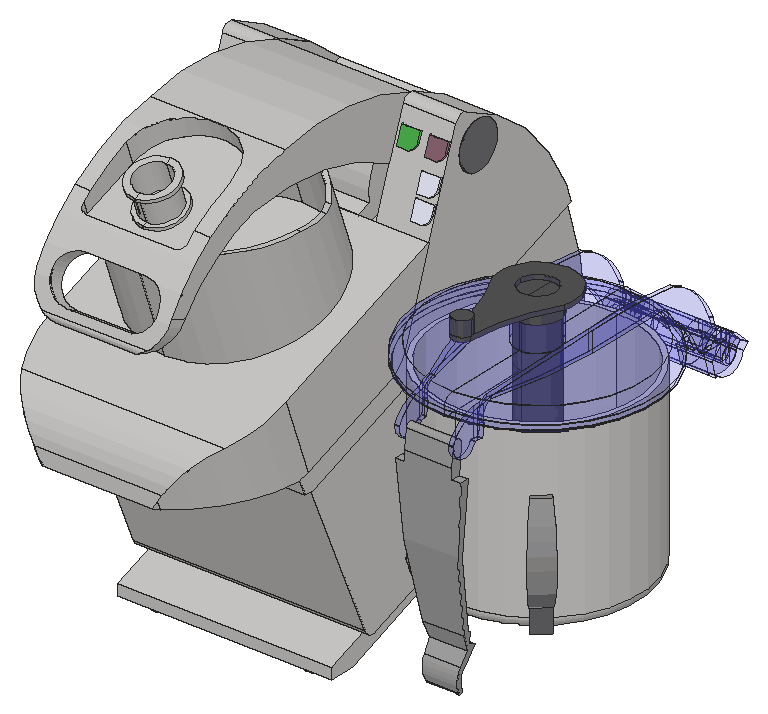
Revit family "QF_ELECTROLUXPROFESSIONAL_600494_TRK55YU", category Specialty Equipment, Revit 2018
Family settings
  Round Connector Dimension = Use Diameter
  Part Type = Normal
  Work Plane-Based = No
  Always vertical = Yes
  Cut with Voids When Loaded = No
  Shared = No
  Room Calculation Point = No
Parameters (values of type "Standard")
  Weight = 27.40 kg
  Watts = 0 W
  Volts = 110 V
  URL Manufacturer = "http://professional.electrolux.com"
  URL = "http://professional.electrolux.com"
  Steam Supply Size = 0 mm
  Steam Supply Minimum Pressure = 0.0 Pa
  Steam Supply Maximum Pressure = 0.0 Pa
  Steam Pounds per Hour = 0
  Refrigeration Suction Line Size = 0 mm
  Refrigeration Liquid Line Size = 0 mm
  Refrigerant Compressor Remote = yes
  Manufacturer = "Electrolux Professional"
  Phase = 1
  Model = "TRK55YU"
  Length Actual = 252 mm  # constant formula
  Item Number = "600494"
  Hot Water Size = 0 mm
  Height Actual = 505 mm  # constant formula
  HP = "1.7 HP"
  Gas Size = 0 mm
  Gas KW = 0
  Gas Input Pressure = 0 W
  Direct Waste Size = 0 mm
  Description = "CUTTER/SLICER 5.5L VARIAB.SPEED-1300W-100-120/1/50-60-US"
  Depth Actual = 485 mm  # constant formula
  Cycle = 60 Hz
  Condensate Return Size = 0 mm
  Compressed Air Volume = 0.0 L/s
  Compressed Air Size = 0 mm
  Compressed Air Pressure = 0.0 Pa
  Cold Water Size = 0 mm
  Accessory = yes
Reference planes
  plane 1 "Center (Front/Back)": y = 0
  plane 2: z = 0
  plane 3 "Center (Left/Right)": x = 0
  plane 4 "BASE": through (-1506.947, -1354.442, -482.669) normal (0, -0.342, 0.9397)
  plane 5 "TOP": z = 725
  plane 6 "FRONT": y = -250
  plane 7 "BACK": y = 250
  plane 8 "LEFT": x = -126
  plane 9 "RIGHT": x = 126
  plane 10 "BaseSup": through (4267.2, -355.454, 143.983) normal (0, -0.342, 0.9397)
  plane 11 "TopCylinder": z = 505
  plane 12 "panel": through (4267.2, 37.396, 376.789) normal (0, -0.9397, 0.342)
  plane 13 "TAN1": through (4267.2, -242.8, 386.84) normal (0, -0.868, 0.4965)
  plane 14 "cx": x = -4.392
  plane 15: z = 490
  plane 16: z = 685
  plane 17 "EI_1": z = 320
  plane 18: z = 224
  plane 19 "SupportOblique": through (4267.2, 163.975, 96.815) normal (0, 0.809, 0.5878)
  plane 20 "CX2": x = 350
Forms (mm)
  Extrusion 1, solid, material "QF_Finishes_Stainless Steel"
    sketch origin (0, 71.755, 29.173) x (0, 0.939693, 0.34202) y (0, -0.34202, 0.939693)
      loop
        line (196.964, 40) -> (-146.726, 40) -> (-150.519, 29.578) -> (-124.204, 20) -> (196.964, 20) -> (196.964, 40)
    from -114.1 to 114.1
  Extrusion 2, solid, material "QF_Finishes_Stainless Steel"
    sketch origin (0, 71.755, 29.173) x (0, 0.939693, 0.34202) y (0, -0.34202, 0.939693)
      loop
        arc (-117.754, 231.836) -> (-115.679, 141.222) -> (-107.501, 50.953) r 1344.145
        arc (-107.501, 50.953) -> (-103.371, 43.13) -> (-95.098, 40) r 12.5
        line (-95.098, 40) -> (191.415, 40)
        arc (191.415, 40) -> (200.799, 44.052) -> (207.001, 52.177) r 20.212
        arc (207.001, 52.177) -> (236.663, 139.796) -> (245.906, 231.836) r 409.593
        line (245.906, 231.836) -> (-117.754, 231.836)
    from -123.6 to 123.2
  Extrusion 3, solid, material "QF_Finishes_Stainless Steel"
    sketch origin (0, 71.755, 29.173) x (0, 0.939693, 0.34202) y (0, -0.34202, 0.939693)
      loop
        line (-117.754, 231.836) -> (250, 231.836) -> (250, 254)
        arc (250, 254) -> (225.127, 344.7) -> (167.861, 419.303) r 244.524
        arc (167.861, 419.303) -> (160.498, 421.774) -> (153.587, 418.23) r 10
        line (153.587, 418.23) -> (25.432, 265.5)
        arc (25.432, 265.5) -> (14.376, 257.016) -> (0.77, 254) r 32.194
        line (0.77, 254) -> (-128.224, 254) -> (-128.224, 236.946) -> (-117.754, 231.836)
    from -125 to 125
  Extrusion 4, void
    sketch origin (0, 71.755, 29.173) x (0, 0.939693, 0.34202) y (0, -0.34202, 0.939693)
      loop
        line (146.605, 338.403) -> (228.145, 338.403)
        arc (228.145, 338.403) -> (202.221, 381.996) -> (167.861, 419.303) r 244.524
        arc (167.861, 419.303) -> (160.498, 421.774) -> (153.587, 418.23) r 10
        line (153.587, 418.23) -> (72.34, 321.403) -> (146.605, 321.403) -> (146.605, 338.403)
    from -76.755 to 68.071
  Extrusion 5, solid, material "QF_Finishes_Stainless Steel"
    sketch origin (0, 71.755, 29.173) x (0, 0.939693, 0.34202) y (0, -0.34202, 0.939693)
      loop
        line (86.605, 338.403) -> (69.605, 321.403) -> (146.605, 321.403) -> (146.605, 338.403) -> (138.179, 338.403) -> (138.179, 369.367)
        arc (138.179, 369.367) -> (147.784, 373.474) -> (158.149, 372.174) r 19.987
        arc (158.149, 372.174) -> (156.791, 382.001) -> (162.888, 389.826) r 12.748
        arc (162.888, 389.826) -> (123.302, 374.774) -> (101.605, 338.403) r 64.447
        line (101.605, 338.403) -> (86.605, 338.403)
    from -65 to 50
  Extrusion 6, solid, material "QF_Finishes_Stainless Steel"
    sketch origin (539, 71.755, 29.173) x (0, -0.939693, -0.34202) y (0, -0.34202, 0.939693)
      loop
        circle (-169.102, 378.696) r 12.748
    from 489 to 604
  Extrusion 7, solid, material "QF_Finishes_Rubber Black"
    sketch origin (0, 71.755, 29.173) x (0, 0.939693, 0.34202) y (0, -0.34202, 0.939693)
      loop
        circle (169.102, 378.696) r 25
    from 125 to 126.6
  Extrusion 8, solid, material "QF_Finishes_Green"
    sketch origin (-10, -113.728, -38.42) x (0, -0.34202, -0.939693) y (1, 0, 0)
      loop
        line (-529.862, 82.865) -> (-509.862, 82.865) -> (-509.862, 92.865)
        arc (-509.862, 92.865) -> (-512.791, 99.936) -> (-519.862, 102.865) r 10
        line (-519.862, 102.865) -> (-529.862, 102.865) -> (-529.862, 82.865)
    from 0 to 1.6
  Extrusion 9, solid, material "QF_Finishes_Red"
    sketch origin (20, -113.728, -38.42) x (0, -0.34202, -0.939693) y (1, 0, 0)
      loop
        line (-529.862, 82.865) -> (-509.862, 82.865) -> (-509.862, 92.865)
        arc (-509.862, 92.865) -> (-512.791, 99.936) -> (-519.862, 102.865) r 10
        line (-519.862, 102.865) -> (-529.862, 102.865) -> (-529.862, 82.865)
    from 0 to 1.6
  Extrusion 10, solid, material "QF_Finishes_Rubber Black"
    sketch origin (-20, -293.925, 99.376) x (0, -1, 0) y (1, 0, 0)
      loop
        circle (-230.144, 103.748) r 10
      loop
        circle (-230.144, -61.252) r 10
    from 9.274 to 3.787
  Extrusion 11, void
    sketch origin (-20.94, 306.731, 139.428) x (-1, 0, 0) y (0, -0.34202, 0.939693)
      loop
        circle (-20.94, 196.093) r 10
    from -1.916 to -26.433
  Extrusion 12, solid, material "QF_Finishes_Stainless Steel"
    sketch origin (-20.94, 306.678, 139.573) x (-1, 0, 0) y (0, -0.34202, 0.939693)
      loop
        circle (-20.94, 195.939) r 9.999
    from -8.514 to -26.433
  Extrusion 13, solid, material "QF_Finishes_Stainless Steel"
    sketch origin (0, -15.119, 267.855) x (0, -0.939693, -0.34202) y (1, 0, 0)
      loop
        line (-86.605, -125) -> (117.754, -125)
        arc (117.754, -125) -> (182.577, -108.838) -> (232.224, -64.135) r 138.076
        arc (232.224, -64.135) -> (246.337, -33.516) -> (250, 0) r 104.824
        arc (250, 0) -> (246.337, 33.516) -> (232.224, 64.135) r 104.824
        arc (232.224, 64.135) -> (182.577, 108.838) -> (117.754, 125) r 138.076
        line (117.754, 125) -> (-86.605, 125) -> (-86.605, -125)
    from 0 to 84.403
  Extrusion 14, void
    sketch origin (0, 71.755, 29.173) x (0, 0.939693, 0.34202) y (0, -0.34202, 0.939693)
      loop
        line (-183.149, 338.403) -> (-263.395, 338.403) -> (-263.395, 254) -> (-128.224, 254) -> (-235.716, 293.124) -> (-229.509, 307.133)
        arc (-229.509, 307.133) -> (-211.109, 329.855) -> (-183.149, 338.403) r 50
      loop
        line (86.605, 338.403) -> (25.432, 265.5)
        arc (25.432, 265.5) -> (14.376, 257.016) -> (0.77, 254) r 32.194
        line (0.77, 254) -> (86.605, 254) -> (86.605, 338.403)
    from -156.555 to 144.79
  Extrusion 15, solid, material "QF_Finishes_Rubber Black"
    sketch origin (-20, -255.757, 37.007) x (0, -0.939693, -0.34202) y (1, 0, 0)
      loop
        circle (-230.144, 103.748) r 10
      loop
        circle (-230.144, -61.252) r 10
    from -1.968 to 3.787
  Extrusion 16, solid, material "QF_Finishes_Stainless Steel"
    sketch origin (0, 0, 0) x (0, 1, 0) y (0, 0, 1)
      loop
        arc (-237.987, 360.286) -> (-193.334, 422.101) -> (-125.907, 457.716) r 167.502
        arc (-125.907, 457.716) -> (-32.614, 457.202) -> (54.785, 424.565) r 266.494
        line (54.785, 424.565) -> (73.036, 474.711)
        arc (73.036, 474.711) -> (77.269, 479.853) -> (83.792, 481.198) r 10
        arc (83.792, 481.198) -> (1.801, 503.572) -> (-83.051, 498.734) r 263.981
        arc (-83.051, 498.734) -> (-135.605, 484.534) -> (-183.511, 458.675) r 236.13
        arc (-183.511, 458.675) -> (-222.818, 420.732) -> (-248.457, 372.49) r 174.407
        arc (-248.457, 372.49) -> (-249.83, 368.135) -> (-247.05, 364.513) r 4.945
        line (-247.05, 364.513) -> (-237.987, 360.286)
    from -76.755 to 68.071
  Extrusion 17, void
    sketch origin (0, -252.846, 369.279) x (0, -0.496521, -0.868025) y (1, 0, 0)
      loop
        line (-13.723, -36.755) -> (-13.723, 28.071)
        arc (-13.723, 28.071) -> (-38.723, 53.071) -> (-63.723, 28.071) r 25
        line (-63.723, 28.071) -> (-63.723, -36.755)
        arc (-63.723, -36.755) -> (-38.723, -61.755) -> (-13.723, -36.755) r 25
    from -148.493 to 7.125
  Extrusion 18, void
    sketch origin (0, -88.076, 32.057) x (0, -0.34202, -0.939693) y (1, 0, 0)
      loop
        line (-257.162, 68.071) -> (-297.162, 68.071)
        arc (-297.162, 68.071) -> (-268.878, 56.356) -> (-257.162, 28.071) r 40
        line (-257.162, 28.071) -> (-257.162, 68.071)
      loop
        line (-257.162, -76.755) -> (-257.162, -36.755)
        arc (-257.162, -36.755) -> (-268.878, -65.039) -> (-297.162, -76.755) r 40
        line (-297.162, -76.755) -> (-257.162, -76.755)
    from 233.374 to 280.473
  Extrusion 19, void
    sketch origin (0, -73.76, 246.511) x (0, -0.939693, -0.34202) y (1, 0, 0)
      loop
        spline (50.415, 43.499) -> (50.302, 44.538) -> (50.07, 45.551) -> (49.722, 46.523) -> (49.265, 47.436) -> (48.705, 48.278) -> (48.053, 49.034) -> (47.317, 49.692) -> (46.511, 50.241) -> (45.647, 50.674) -> (44.738, 50.981) -> (43.801, 51.16) -> (42.848, 51.221)
        line (42.848, 51.221) -> (-21.826, 51.221)
        arc (-21.826, 51.221) -> (-77.476, -4.429) -> (-21.826, -60.078) r 55.65
        line (-21.826, -60.078) -> (42.849, -60.064)
        spline (42.849, -60.064) -> (43.796, -60.017) -> (44.73, -59.836) -> (45.637, -59.525) -> (46.5, -59.088) -> (47.306, -58.532) -> (48.042, -57.867) -> (48.695, -57.103) -> (49.256, -56.253) -> (49.715, -55.331) -> (50.065, -54.351) -> (50.3, -53.329) -> (50.415, -52.283)
        line (50.415, -52.283) -> (50.415, 43.499)
    from 219.928 to 259.975
  Extrusion 20, void
    sketch origin (0, -87.856, 241.381) x (0, -0.939693, -0.34202) y (1, 0, 0)
      loop
        circle (-4.976, -4.429) r 22.5
    from 184.171 to 259.975
  Extrusion 21, solid, material "QF_Finishes_Stainless Steel"
    sketch origin (0, -57.13, 252.564) x (0, -0.939693, -0.34202) y (1, 0, 0)
      loop
        circle (-27.476, -4.429) r 100
      loop
        circle (-27.476, -4.429) r 95
    from 84.403 to 219.928
  Extrusion 22, void
    sketch origin (539, 0, 0) x (0, -1, 0) y (0, 0, 1)
      loop
        line (-7.229, 448.453) -> (38.883, 431.669) -> (53.883, 431.669) -> (97.232, 435.738) -> (172.232, 435.738) -> (200.5, 434.424) -> (12.562, 502.828) -> (-7.229, 448.453)
    from 424.9 to 664
  Revolve 23, solid, material "QF_Finishes_Stainless Steel"
    sketch origin (-4.392, 0, 0) x (0, 1, 0) y (0, 0, 1)
      loop
        line (-159.523, 452.833) -> (-177.266, 446.376) -> (-188.766, 477.973) -> (-195.199, 475.631) -> (-193.959, 472.225) -> (-189.261, 473.935) -> (-179, 445.744) -> (-183.698, 444.034) -> (-182.575, 440.948) -> (-179.543, 442.052) -> (-133.191, 314.7) -> (-112.048, 322.396) -> (-159.523, 452.833)
      axis (-112.048, 322.396) -> (-171.023, 484.431)
    angle from 0 to 360
  Extrusion 24, solid, material "QF_Door-Drawer Clearances", detail levels coarse
    sketch origin (0, -262.072, 735.095) x (0, -0.581279, -0.813704) y (0, 0.813704, -0.581279)
      loop
        arc (-237.987, 360.286) -> (-193.334, 422.101) -> (-125.907, 457.716) r 167.502
        arc (-125.907, 457.716) -> (-61.925, 460.915) -> (0.971, 448.753) r 266.494
        arc (0.971, 448.753) -> (-2.208, 475.472) -> (-2.432, 502.379) r 244.524
        arc (-2.432, 502.379) -> (-31.549, 503.211) -> (-60.594, 500.999) r 278.64
        arc (-60.594, 500.999) -> (-125.023, 488.463) -> (-183.511, 458.675) r 236.13
        arc (-183.511, 458.675) -> (-222.818, 420.732) -> (-248.457, 372.49) r 174.407
        arc (-248.457, 372.49) -> (-249.83, 368.135) -> (-247.05, 364.513) r 4.945
        line (-247.05, 364.513) -> (-237.987, 360.286)
    from -76.755 to 68.071
  Extrusion 25, solid, material "QF_Door-Drawer Clearances", detail levels coarse
    sketch origin (-4.392, 0, -55) x (0, 1, 0) y (0, 0, 1)
      loop
        arc (180.062, 780.324) -> (-149.234, 694.151) -> (-249.905, 368.994) r 350.321
        line (-249.905, 368.994) -> (-246.546, 377.767)
        arc (-246.546, 377.767) -> (-144.345, 691.9) -> (174.993, 776.44) r 345.321
        line (174.993, 776.44) -> (180.062, 780.324)
    from -60 to 60
  Extrusion 26, solid, material "QF_Finishes_Rubber Black"
    sketch origin (-20, -20.834, 122.512) x (0, -0.939693, -0.34202) y (1, 0, 0)
      loop
        circle (-230.144, 103.748) r 10
      loop
        circle (-230.144, -61.252) r 10
    from -1.968 to 3.787
  Extrusion 27, void
    sketch origin (-4.392, 0, 0) x (0, 1, 0) y (0, 0, 1)
      loop
        circle (163.975, 96.815) r 5.399
    from -121.608 to 130.392
  Sweep 28, solid, material "QF_Finishes_Stainless Steel"
    path origin (0, 153.361, 111.423) x (0, -0.587785, 0.809017) y (1, 0, 0)
      loop
        line (-133.401, 56) -> (-133.401, 112.5)
        arc (-133.401, 112.5) -> (-130.472, 119.571) -> (-123.401, 122.5) r 10
        line (-123.401, 122.5) -> (-28.058, 122.5)
        arc (-28.058, 122.5) -> (-20.987, 119.571) -> (-18.058, 112.5) r 10
        line (-18.058, 112.5) -> (-18.058, -112.5)
        arc (-18.058, -112.5) -> (-20.987, -119.571) -> (-28.058, -122.5) r 10
        line (-28.058, -122.5) -> (-123.401, -122.5)
        arc (-123.401, -122.5) -> (-130.472, -119.571) -> (-133.401, -112.5) r 10
        line (-133.401, -112.5) -> (-133.401, -56)
    profile origin (84.25, 231.772, 3.5) x (0, 0.587785, -0.809017) y (0, 0.809017, 0.587785)
      loop
        circle (0, 0) r 3.5
  Extrusion 29, void
    sketch origin (-4.392, 0, 0) x (0, 1, 0) y (0, 0, 1)
      loop
        line (50.281, 42.641) -> (71.708, 50.44) -> (64.376, 57.771) -> (50.281, 52.641) -> (50.281, 42.641)
    from -119.208 to -51.608
  Extrusion 30, void
    sketch origin (4.392, 0, 0) x (0, 1, 0) y (0, 0, -1)
      loop
        line (50.281, -42.641) -> (50.281, -52.641) -> (64.376, -57.771) -> (71.708, -50.44) -> (50.281, -42.641)
    from -119.208 to -51.608
  Extrusion 31, solid, material "QF_Door-Drawer Clearances", detail levels coarse
    sketch origin (350, -160.4, -17.118) x (0, -0.34202, -0.939693) y (0, -0.939693, 0.34202)
      loop
        line (-206.754, 118.191) -> (-331.133, -223.538)
        arc (-331.133, -223.538) -> (-241.482, -246.331) -> (-149.003, -248.426) r 409.593
        arc (-149.003, -248.426) -> (-139.246, -245.378) -> (-132.229, -237.945) r 20.212
        line (-132.229, -237.945) -> (-34.236, 31.289)
        arc (-34.236, 31.289) -> (-34.347, 40.134) -> (-40.286, 46.691) r 12.5
        arc (-40.286, 46.691) -> (-122.314, 85.249) -> (-206.754, 118.191) r 1344.145
    from -123.6 to 123.2
  Extrusion 32, solid, material "QF_Door-Drawer Clearances", detail levels coarse
    sketch origin (350, -160.4, -17.118) x (0, -0.34202, -0.939693) y (0, -0.939693, 0.34202)
      loop
        line (-134.127, -243.16) -> (-115.333, -250) -> (-5.487, 51.799) -> (-5.487, 79.803) -> (-16.578, 79.803) -> (-134.127, -243.16)
    from -114.1 to 114.1
  Extrusion 33, solid, material "QF_Door-Drawer Clearances", detail levels coarse
    sketch origin (330, -388.076, 105.131) x (0, -1, 0) y (1, 0, 0)
      loop
        circle (-230.144, 103.748) r 10
      loop
        circle (-230.144, -61.252) r 10
    from -1.968 to 3.787
  Extrusion 34, solid, material "QF_Door-Drawer Clearances", detail levels coarse
    sketch origin (330, -138.076, 105.131) x (0, -1, 0) y (1, 0, 0)
      loop
        circle (-230.144, 103.748) r 10
      loop
        circle (-230.144, -61.252) r 10
    from -1.968 to 3.787
  Extrusion 35, solid, material "QF_Door-Drawer Clearances", detail levels coarse
    sketch origin (0, 250, 0) x (-1, 0, 0) y (0, 0, 1)
      loop
        circle (-350, 200) r 10
    from -89.12 to -78.665
  Extrusion 36, solid, material "QF_Finishes_White"
    sketch origin (20, -124.661, -68.457) x (0, -0.34202, -0.939693) y (1, 0, 0)
      loop
        line (-529.862, 82.865) -> (-509.862, 82.865) -> (-509.862, 92.865)
        arc (-509.862, 92.865) -> (-512.791, 99.936) -> (-519.862, 102.865) r 10
        line (-519.862, 102.865) -> (-529.862, 102.865) -> (-529.862, 82.865)
    from 0 to 1.6
  Extrusion 37, solid, material "QF_Finishes_White"
    sketch origin (20, -132.869, -91.01) x (0, -0.34202, -0.939693) y (1, 0, 0)
      loop
        line (-529.862, 82.865) -> (-509.862, 82.865) -> (-509.862, 92.865)
        arc (-509.862, 92.865) -> (-512.791, 99.936) -> (-519.862, 102.865) r 10
        line (-519.862, 102.865) -> (-529.862, 102.865) -> (-529.862, 82.865)
    from 0 to 1.6
Cuts and joins
  Extrusion 4, Extrusion 18, Extrusion 19, Extrusion 20 cuts Extrusion 3
  Extrusion 14, Extrusion 18, Extrusion 19, Extrusion 20 cuts Extrusion 13
  Extrusion 17, Extrusion 18, Extrusion 19, Extrusion 20 cuts Extrusion 16
  Extrusion 11, Extrusion 19, Extrusion 20 cuts Extrusion 2
  Extrusion 22 cuts Extrusion 21
  Extrusion 27, Extrusion 29, Extrusion 30 cuts Extrusion 1
Lines and regions (mm)
  Split face 1
    outline origin (125, 73.036, 474.711) x (-1, 0, 0) y (0, -0.34202, -0.939693)
      loop
        arc (0, 8) -> (1.464, 4.464) -> (5, 3) r 5
        line (5, 3) -> (51.929, 3)
        arc (51.929, 3) -> (55.464, 4.464) -> (56.929, 8) r 5
        line (56.929, 8) -> (56.929, 96.206)
        arc (56.929, 96.206) -> (55.464, 99.742) -> (51.929, 101.206) r 5
        line (51.929, 101.206) -> (5, 101.206)
        arc (5, 101.206) -> (1.464, 99.742) -> (0, 96.206) r 5
        line (0, 96.206) -> (0, 8)
  symbolic lines
    curve 1: line (-76.755, 170.4, 0) -> (-76.755, -235.217, 0)
    curve 2: line (68.071, -235.135, 0) -> (68.071, 170.4, 0)
    curve 3: line (-76.755, 83.792, 0) -> (68.071, 83.792, 0)
    curve 4: line (-76.755, 170.4, 0) -> (68.071, 170.4, 0)
    curve 5: line (68.071, -83.051, 0) -> (-76.755, -83.051, 0)
    curve 6: line (-60.078, -136.967, 0) -> (51.221, -136.967, 0)
    curve 7: line (-60.078, -128.47, 0) -> (-60.078, -194.06, 0)
    curve 8: line (51.221, -193.76, 0) -> (51.221, -128.47, 0)
    curve 9: spline (-52.282, -199.891, 0) -> (-53.276, -199.815, 0) -> (-54.25, -199.647, 0) -> (-55.19, -199.39, 0) -> (-56.081, -199.046, 0) -> (-56.909, -198.622, 0) -> (-57.663, -198.124, 0) -> (-58.331, -197.559, 0) -> (-58.902, -196.936, 0) -> (-59.369, -196.264, 0) -> (-59.724, -195.553, 0) -> (-59.961, -194.815, 0) -> (-60.078, -194.06, 0)
    curve 10: line (43.499, -199.901, 0) -> (-52.283, -199.901, 0)
    curve 11: spline (51.218, -193.76, 0) -> (51.156, -194.554, 0) -> (50.964, -195.333, 0) -> (50.645, -196.085, 0) -> (50.204, -196.798, 0) -> (49.648, -197.459, 0) -> (48.986, -198.058, 0) -> (48.229, -198.586, 0) -> (47.39, -199.033, 0) -> (46.483, -199.392, 0) -> (45.521, -199.658, 0) -> (44.521, -199.826, 0) -> (43.499, -199.893, 0)
    curve 12: spline (-4.392, -146.848, 0) -> (-11.05, -147.672, 0) -> (-17.255, -150.087, 0) -> (-22.583, -153.929, 0) -> (-26.672, -158.936, 0) -> (-29.242, -164.766, 0) -> (-30.119, -171.023, 0) -> (-29.242, -177.28, 0) -> (-26.672, -183.111, 0) -> (-22.583, -188.118, 0) -> (-17.255, -191.96, 0) -> (-11.05, -194.375, 0) -> (-4.392, -195.199, 0)
    curve 13: spline (-4.392, -195.199, 0) -> (2.267, -194.375, 0) -> (8.472, -191.96, 0) -> (13.8, -188.118, 0) -> (17.888, -183.111, 0) -> (20.459, -177.28, 0) -> (21.335, -171.023, 0) -> (20.459, -164.766, 0) -> (17.888, -158.936, 0) -> (13.8, -153.929, 0) -> (8.472, -150.087, 0) -> (2.267, -147.672, 0) -> (-4.392, -146.848, 0)
    curve 14: spline (-4.392, -188.766, 0) -> (-9.279, -188.162, 0) -> (-13.832, -186.389, 0) -> (-17.743, -183.569, 0) -> (-20.744, -179.895, 0) -> (-22.63, -175.616, 0) -> (-23.273, -171.023, 0) -> (-22.63, -166.431, 0) -> (-20.744, -162.152, 0) -> (-17.743, -158.477, 0) -> (-13.832, -155.658, 0) -> (-9.279, -153.885, 0) -> (-4.392, -153.281, 0)
    curve 15: spline (-4.392, -153.281, 0) -> (0.495, -153.885, 0) -> (5.049, -155.658, 0) -> (8.96, -158.477, 0) -> (11.96, -162.152, 0) -> (13.846, -166.431, 0) -> (14.49, -171.023, 0) -> (13.846, -175.616, 0) -> (11.96, -179.895, 0) -> (8.96, -183.569, 0) -> (5.049, -186.389, 0) -> (0.495, -188.162, 0) -> (-4.392, -188.766, 0)
    curve 16: spline (-22.254, -165.273, 0) -> (-20.617, -168.597, 0) -> (-18.289, -171.534, 0) -> (-15.368, -173.96, 0) -> (-11.98, -175.77, 0) -> (-8.268, -176.888, 0) -> (-4.392, -177.266, 0) -> (-0.515, -176.888, 0) -> (3.197, -175.77, 0) -> (6.585, -173.96, 0) -> (9.505, -171.534, 0) -> (11.834, -168.597, 0) -> (13.471, -165.273, 0)
    curve 17: spline (21.106, -162.743, 0) -> (21.02, -155.749, 0) -> (18.807, -149.071, 0) -> (14.651, -143.268, 0) -> (8.902, -138.825, 0) -> (2.04, -136.115, 0) -> (-5.361, -135.365, 0) -> (-12.68, -136.637, 0) -> (-19.306, -139.824, 0) -> (-24.683, -144.661, 0) -> (-28.361, -150.742, 0) -> (-30.034, -157.558, 0) -> (-29.559, -164.538, 0)
    curve 18: spline (15.591, -154.349, 0) -> (13.851, -150.277, 0) -> (11.185, -146.674, 0) -> (7.729, -143.723, 0) -> (3.657, -141.574, 0) -> (-0.824, -140.337, 0) -> (-5.485, -140.073, 0) -> (-10.091, -140.797, 0) -> (-14.408, -142.471, 0) -> (-18.216, -145.011, 0) -> (-21.322, -148.287, 0) -> (-23.569, -152.134, 0) -> (-24.843, -156.356, 0)
    curve 19: line (-36.755, -245.358, 0) -> (-36.755, -220.255, 0)
    curve 20: line (28.071, -220.255, 0) -> (28.071, -245.358, 0)
    curve 21: line (-36.755, -220.255, 0) -> (28.071, -220.255, 0)
    curve 22: line (-36.755, -231.961, 0) -> (28.071, -231.961, 0)
    curve 23: line (28.071, -245.358, 0) -> (-36.755, -245.358, 0)
    curve 24: arc (-36.755, -231.961, 0) -> (-47.346, -230.66, 0) -> (-57.309, -226.836, 0) r 43.78
    curve 25: arc (28.071, -231.961, 0) -> (38.611, -230.648, 0) -> (48.525, -226.836, 0) r 43.78
    curve 26: line (108.532, -216.09, 0) -> (68.016, -248.959, 0)
    curve 27: spline (108.532, -216.09, 0) -> (111.117, -211.341, 0) -> (113.492, -206.496, 0) -> (115.654, -201.564, 0) -> (117.598, -196.552, 0) -> (119.32, -191.469, 0) -> (120.82, -186.324, 0) -> (122.092, -181.125, 0) -> (123.137, -175.882, 0) -> (123.951, -170.603, 0) -> (124.533, -165.296, 0) -> (124.883, -159.972, 0) -> (125, -154.639, 0)
    curve 28: line (125, -154.639, 0) -> (125, 227.385, 0)
    curve 29: spline (63.971, -249.433, 0) -> (63.542, -249.481, 0) -> (63.11, -249.529, 0) -> (62.674, -249.577, 0) -> (62.235, -249.624, 0) -> (61.792, -249.672, 0) -> (61.346, -249.719, 0) -> (60.896, -249.766, 0) -> (60.442, -249.813, 0) -> (59.985, -249.86, 0) -> (59.525, -249.907, 0) -> (59.06, -249.954, 0) -> (58.593, -250, 0)
    curve 30: spline (68.016, -248.959, 0) -> (67.688, -248.999, 0) -> (67.358, -249.038, 0) -> (67.026, -249.078, 0) -> (66.693, -249.118, 0) -> (66.359, -249.157, 0) -> (66.022, -249.197, 0) -> (65.684, -249.236, 0) -> (65.345, -249.276, 0) -> (65.004, -249.315, 0) -> (64.661, -249.354, 0) -> (64.317, -249.394, 0) -> (63.971, -249.433, 0)
    curve 31: line (-68.016, -248.959, 0) -> (68.016, -248.959, 0)
    curve 32: line (-68.016, -248.959, 0) -> (-108.532, -216.09, 0)
    curve 33: spline (-63.971, -249.433, 0) -> (-64.317, -249.394, 0) -> (-64.661, -249.354, 0) -> (-65.004, -249.315, 0) -> (-65.345, -249.276, 0) -> (-65.684, -249.236, 0) -> (-66.022, -249.197, 0) -> (-66.359, -249.157, 0) -> (-66.693, -249.118, 0) -> (-67.026, -249.078, 0) -> (-67.358, -249.038, 0) -> (-67.688, -248.999, 0) -> (-68.016, -248.959, 0)
    curve 34: spline (-58.593, -250, 0) -> (-59.06, -249.954, 0) -> (-59.525, -249.907, 0) -> (-59.985, -249.86, 0) -> (-60.442, -249.813, 0) -> (-60.896, -249.766, 0) -> (-61.346, -249.719, 0) -> (-61.792, -249.672, 0) -> (-62.235, -249.624, 0) -> (-62.674, -249.577, 0) -> (-63.11, -249.529, 0) -> (-63.542, -249.481, 0) -> (-63.971, -249.433, 0)
    curve 35: line (-76.755, -235.217, 0) -> (-60.604, -248.457, 0)
    curve 36: spline (-125, -154.639, 0) -> (-124.883, -159.972, 0) -> (-124.533, -165.296, 0) -> (-123.951, -170.603, 0) -> (-123.137, -175.882, 0) -> (-122.092, -181.125, 0) -> (-120.82, -186.324, 0) -> (-119.32, -191.469, 0) -> (-117.598, -196.552, 0) -> (-115.654, -201.564, 0) -> (-113.492, -206.496, 0) -> (-111.117, -211.341, 0) -> (-108.532, -216.09, 0)
    curve 37: line (-125, 227.385, 0) -> (-125, -154.639, 0)
    curve 38: arc (-76.755, -160.023, 0) -> (-93.256, -130.498, 0) -> (-99.37, -97.232, 0) r 103.622
    curve 39: arc (-76.755, -168.026, 0) -> (-96.901, -135.101, 0) -> (-104.377, -97.232, 0) r 109.55
    curve 40: spline (-99.395, -97.232, 0) -> (-99.428, -93.546, 0) -> (-99.341, -89.86, 0) -> (-99.135, -86.178, 0) -> (-98.81, -82.506, 0) -> (-98.367, -78.845, 0) -> (-97.806, -75.201, 0) -> (-97.127, -71.576, 0) -> (-96.331, -67.976, 0) -> (-95.419, -64.402, 0) -> (-94.392, -60.86, 0) -> (-93.251, -57.352, 0) -> (-91.998, -53.883, 0)
    curve 41: arc (-91.998, -53.883, 0) -> (-88.614, -46.234, 0) -> (-84.624, -38.883, 0) r 103.541
    curve 42: spline (-84.624, -38.883, 0) -> (-84.026, -38.009, 0) -> (-83.417, -37.142, 0) -> (-82.798, -36.282, 0) -> (-82.167, -35.428, 0) -> (-81.527, -34.582, 0) -> (-80.876, -33.742, 0) -> (-80.214, -32.91, 0) -> (-79.543, -32.085, 0) -> (-78.861, -31.267, 0) -> (-78.169, -30.457, 0) -> (-77.467, -29.655, 0) -> (-76.755, -28.86, 0)
    curve 43: spline (-90.488, -38.883, 0) -> (-89.506, -37.356, 0) -> (-88.492, -35.846, 0) -> (-87.448, -34.355, 0) -> (-86.375, -32.883, 0) -> (-85.271, -31.43, 0) -> (-84.139, -29.997, 0) -> (-82.978, -28.585, 0) -> (-81.788, -27.193, 0) -> (-80.571, -25.823, 0) -> (-79.326, -24.476, 0) -> (-78.054, -23.15, 0) -> (-76.755, -21.847, 0)
    curve 44: arc (-97.398, -53.883, 0) -> (-94.227, -46.252, 0) -> (-90.488, -38.883, 0) r 109.406
    curve 45: spline (-104.397, -97.232, 0) -> (-104.428, -93.553, 0) -> (-104.346, -89.875, 0) -> (-104.151, -86.201, 0) -> (-103.844, -82.535, 0) -> (-103.425, -78.879, 0) -> (-102.894, -75.238, 0) -> (-102.252, -71.615, 0) -> (-101.499, -68.013, 0) -> (-100.637, -64.435, 0) -> (-99.665, -60.886, 0) -> (-98.585, -57.367, 0) -> (-97.398, -53.883, 0)
    curve 46: spline (-104.429, -60.179, 0) -> (-104.227, -54.213, 0) -> (-103.623, -48.272, 0) -> (-102.618, -42.379, 0) -> (-101.218, -36.558, 0) -> (-99.427, -30.832, 0) -> (-97.253, -25.224, 0) -> (-94.704, -19.758, 0) -> (-91.791, -14.454, 0) -> (-88.526, -9.335, 0) -> (-84.922, -4.421, 0) -> (-80.993, 0.268, 0) -> (-76.755, 4.714, 0)
    curve 47: line (-104.429, -60.179, 0) -> (-104.429, -91.125, 0)
    curve 48: line (-125, 37.396, 0) -> (-76.755, 37.396, 0)
    curve 49: line (-125, 227.385, 0) -> (125, 227.385, 0)
    curve 50: line (-125, 219.805, 0) -> (125, 219.805, 0)
    curve 51: line (-65, 113.885, 0) -> (50, 113.885, 0)
    curve 52: line (50, 113.885, 0) -> (50, 83.792, 0)
    curve 53: line (-65, 113.885, 0) -> (-65, 83.792, 0)
    curve 54: line (-65, 91.491, 0) -> (50, 91.491, 0)
    curve 55: line (50, 93.777, 0) -> (68.071, 93.777, 0)
    curve 56: line (-65, 93.777, 0) -> (-76.755, 93.777, 0)
    curve 57: line (72.865, 68.37, 0) -> (92.865, 68.37, 0)
    curve 58: line (72.865, 60.026, 0) -> (72.865, 68.37, 0)
    curve 59: line (82.865, 60.026, 0) -> (72.865, 60.026, 0)
    curve 60: line (92.865, 68.37, 0) -> (92.865, 63.446, 0)
    curve 61: line (-123.6, 250, 0) -> (123.2, 250, 0)
    curve 62: line (123.2, 227.385, 0) -> (123.2, 250, 0)
    curve 63: line (-123.6, 227.385, 0) -> (-123.6, 250, 0)
    curve 64: line (68.071, 37.396, 0) -> (125, 37.396, 0)
    curve 65: line (68.071, -235.135, 0) -> (51.82, -248.457, 0)
    curve 66: arc (68.071, -159.898, 0) -> (84.5, -130.423, 0) -> (90.587, -97.232, 0) r 103.622
    curve 67: arc (68.071, -167.913, 0) -> (88.145, -135.031, 0) -> (95.593, -97.232, 0) r 109.55
    curve 68: spline (90.612, -97.232, 0) -> (90.644, -93.546, 0) -> (90.558, -89.86, 0) -> (90.352, -86.178, 0) -> (90.027, -82.506, 0) -> (89.584, -78.845, 0) -> (89.022, -75.201, 0) -> (88.343, -71.576, 0) -> (87.547, -67.976, 0) -> (86.636, -64.402, 0) -> (85.609, -60.86, 0) -> (84.468, -57.352, 0) -> (83.214, -53.883, 0)
    curve 69: arc (83.214, -53.883, 0) -> (79.831, -46.234, 0) -> (75.841, -38.883, 0) r 103.541
    curve 70: spline (75.841, -38.883, 0) -> (75.25, -38.019, 0) -> (74.648, -37.162, 0) -> (74.036, -36.312, 0) -> (73.414, -35.468, 0) -> (72.781, -34.631, 0) -> (72.138, -33.801, 0) -> (71.485, -32.977, 0) -> (70.822, -32.161, 0) -> (70.149, -31.353, 0) -> (69.466, -30.551, 0) -> (68.774, -29.757, 0) -> (68.071, -28.97, 0)
    curve 71: spline (81.705, -38.883, 0) -> (80.729, -37.365, 0) -> (79.722, -35.865, 0) -> (78.685, -34.383, 0) -> (77.619, -32.92, 0) -> (76.523, -31.476, 0) -> (75.399, -30.051, 0) -> (74.246, -28.647, 0) -> (73.066, -27.263, 0) -> (71.857, -25.901, 0) -> (70.622, -24.56, 0) -> (69.36, -23.242, 0) -> (68.071, -21.946, 0)
    curve 72: arc (88.615, -53.883, 0) -> (85.443, -46.252, 0) -> (81.705, -38.883, 0) r 109.406
    curve 73: spline (95.614, -97.232, 0) -> (95.644, -93.553, 0) -> (95.562, -89.875, 0) -> (95.368, -86.201, 0) -> (95.061, -82.535, 0) -> (94.641, -78.879, 0) -> (94.111, -75.238, 0) -> (93.469, -71.615, 0) -> (92.716, -68.013, 0) -> (91.853, -64.435, 0) -> (90.882, -60.886, 0) -> (89.802, -57.367, 0) -> (88.615, -53.883, 0)
    curve 74: spline (95.645, -60.179, 0) -> (95.444, -54.225, 0) -> (94.842, -48.295, 0) -> (93.842, -42.413, 0) -> (92.446, -36.602, 0) -> (90.662, -30.886, 0) -> (88.496, -25.287, 0) -> (85.957, -19.829, 0) -> (83.055, -14.533, 0) -> (79.802, -9.421, 0) -> (76.21, -4.512, 0) -> (72.295, 0.173, 0) -> (68.071, 4.615, 0)
    curve 75: line (95.645, -60.179, 0) -> (95.645, -91.125, 0)
    curve 76: arc (82.865, 60.026, 0) -> (86.108, 60.224, 0) -> (89.302, 60.816, 0) r 26.611
    curve 77: arc (89.302, 60.816, 0) -> (91.344, 61.778, 0) -> (92.865, 63.446, 0) r 5.801
    curve 78: line (102.865, 68.37, 0) -> (122.865, 68.37, 0)
    curve 79: line (102.865, 60.026, 0) -> (102.865, 68.37, 0)
    curve 80: line (112.865, 60.026, 0) -> (102.865, 60.026, 0)
    curve 81: line (122.865, 68.37, 0) -> (122.865, 63.446, 0)
    curve 82: arc (112.865, 60.026, 0) -> (116.108, 60.224, 0) -> (119.302, 60.816, 0) r 26.611
    curve 83: arc (119.302, 60.816, 0) -> (121.344, 61.778, 0) -> (122.865, 63.446, 0) r 5.801
    curve 84: line (102.865, 57.437, 0) -> (122.865, 57.437, 0)
    curve 85: line (102.865, 49.093, 0) -> (102.865, 57.437, 0)
    curve 86: line (112.865, 49.093, 0) -> (102.865, 49.093, 0)
    curve 87: line (122.865, 57.437, 0) -> (122.865, 52.513, 0)
    curve 88: arc (112.865, 49.093, 0) -> (116.108, 49.291, 0) -> (119.302, 49.884, 0) r 26.611
    curve 89: arc (119.302, 49.884, 0) -> (121.344, 50.845, 0) -> (122.865, 52.513, 0) r 5.801
    curve 90: line (102.865, 47.725, 0) -> (122.865, 47.725, 0)
    curve 91: line (102.865, 39.381, 0) -> (102.865, 47.725, 0)
    curve 92: line (112.865, 39.381, 0) -> (102.865, 39.381, 0)
    curve 93: line (122.865, 47.725, 0) -> (122.865, 42.801, 0)
    curve 94: arc (112.865, 39.381, 0) -> (116.108, 39.579, 0) -> (119.302, 40.172, 0) r 26.611
    curve 95: arc (119.302, 40.172, 0) -> (121.344, 41.133, 0) -> (122.865, 42.801, 0) r 5.801
Dimensions and locks
  plane 5 "TOP" to level = 725 mm  (x2)
  plane 8 "LEFT" to plane 3 "Center (Left/Right)" to plane 9 "RIGHT" = 126 mm, 126 mm
  plane 7 "BACK" to plane 1 "Center (Front/Back)" to plane 6 "FRONT" = 250 mm, 250 mm
  plane 5 "TOP" to plane 2 = 725 mm
  plane 5 "TOP" to plane 11 "TopCylinder" = 220 mm
  plane 6 "FRONT" to plane 7 "BACK" = 500 mm
  plane 7 "BACK" to plane 6 "FRONT" = 500 mm
  plane 11 "TopCylinder" to level = 505 mm  (x2)
  plane 15 to level = 490 mm  (x2)
  plane 16 to level = 685 mm
  plane 17 "EI_1" to level = 320 mm
  plane 18 to level = 224 mm
  plane 16 to plane 2 = 685 mm
  plane 9 "RIGHT" to plane 8 "LEFT" = 252 mm
  aligned and locked: level to plane 2
Nested families
  nested 1: "QF_600493_BOWL" at (360, -39.665, -20.592), type "QF_600493_BOWL"
Connectors
  electrical at (0, 231.662, 320.783), driven by "Volts"
    settings: on Extrusion 12, index 1, voltage 110 V, apparent load 0 VA, apparent load phase1 0 VA, apparent load phase2 0 VA, apparent load phase3 0 VA, power factor 1, load classification "Other", number of poles 1, system type 30, power factor state 1, is connector primary yes, connector utility no, sub classification motor no, connector description "Electrical Connection"
Definition of nested family "QF_600493_BOWL"
  Reference planes
    plane 1 "Center (Front/Back)": y = 0
    plane 2: z = 0
    plane 3 "Center (Left/Right)": x = 0
    plane 4 "TOP": z = 705.4
    plane 5 "FRONT": y = -211
    plane 6 "BACK": y = 211
    plane 7 "LEFT": x = -128
    plane 8 "RIGHT": x = 128
    plane 9 "CenterX": x = -10
    plane 10 "Maniglia": through (-10, -59.177, 4000) normal (0.766, 0.6428, 0)
    plane 11 "Panel": through (4267.2, 107.252, 388.448) normal (0, 0.766, -0.6428)
    plane 12: z = 510
  Forms (mm)
    Revolve 1, solid
      sketch origin (-10, 0, 0) x (0, -1, 0) y (0, 0, 1)
        loop
          line (59.177, 490.527) -> (28.516, 490.527) -> (35.424, 483.619) -> (35.424, 470.527) -> (38.194, 470.527) -> (38.194, 356.104) -> (59.177, 356.104) -> (59.177, 490.527)
        axis (59.177, 356.104) -> (59.177, 490.527)
      angle from 0 to 360
    Extrusion 2, solid
      sketch origin (0, 0, 0) x (1, 0, 0) y (0, 1, 0)
        loop
          arc (-48.167, -71.147) -> (-28.951, -114.517) -> (-19.956, -161.093) r 210.055
          arc (-19.956, -161.093) -> (-10, -170.155) -> (-0.044, -161.093) r 10
          arc (-0.044, -161.093) -> (8.951, -114.517) -> (28.167, -71.147) r 210.055
          arc (28.167, -71.147) -> (-10, -19.177) -> (-48.167, -71.147) r 40
      from 490.527 to 495.013
    Extrusion 3, solid
      sketch origin (0, 0, 0) x (1, 0, 0) y (0, 1, 0)
        loop
          circle (-10, -160.155) r 10
      from 495.013 to 510.592
    Extrusion 4, void
      sketch origin (0, 0, 0) x (1, 0, 0) y (0, 1, 0)
        loop
          circle (-10, -59.177) r 19
      from 467.615 to 512.796
    Extrusion 5, void
      sketch origin (-20, 0, 0) x (-1, 0, 0) y (0, -1, 0)
        loop
          line (16.15, 177.864) -> (16.15, -123.86) -> (35.771, -123.86) -> (35.771, 48.192)
          arc (35.771, 48.192) -> (30.047, 105.502) -> (17.781, 161.776) r 500.876
          line (17.781, 161.776) -> (17.781, 171.776) -> (16.15, 177.864)
        loop
          line (40.771, -123.86) -> (45.852, -123.86) -> (45.852, 210.681) -> (21.15, 210.681) -> (21.15, 178.522) -> (22.781, 172.434) -> (22.781, 162.459)
          arc (22.781, 162.459) -> (35.047, 105.893) -> (40.771, 48.297) r 505.876
          line (40.771, 48.297) -> (40.771, -123.86)
      from 381.652 to 477.521
    Extrusion 6, solid
      sketch origin (-20, 0, 0) x (0, 1, 0) y (0, 0, -1)
        loop
          line (-173.064, -409.647) -> (-181.147, -409.647)
          arc (-181.147, -409.647) -> (-199.354, -399.982) -> (-210.844, -417.096) r 15.391
          arc (-210.844, -417.096) -> (-202.04, -429.372) -> (-189.058, -437.099) r 36.946
          arc (-189.058, -437.099) -> (-65.868, -463.241) -> (59.99, -458.888) r 518.061
          arc (59.99, -458.888) -> (92.246, -438.11) -> (113.023, -405.855) r 90.696
          arc (113.023, -405.855) -> (114.903, -399.662) -> (115.972, -393.28) r 50.278
          arc (115.972, -393.28) -> (121.968, -392.806) -> (127.203, -389.844) r 13.902
          arc (127.203, -389.844) -> (135.322, -382.188) -> (143.082, -374.167) r 242.898
          line (143.082, -374.167) -> (137.378, -368.464)
          arc (137.378, -368.464) -> (123.613, -353.84) -> (104.088, -358.543) r 20
          line (104.088, -358.543) -> (99.34, -358.543)
          arc (99.34, -358.543) -> (88.098, -393.587) -> (65.823, -422.884) r 108.872
          line (65.823, -422.884) -> (50.823, -422.884)
          arc (50.823, -422.884) -> (52.796, -423.701) -> (53.614, -425.674) r 2.79
          line (53.614, -425.674) -> (53.614, -430.892)
          arc (53.614, -430.892) -> (50.154, -439.244) -> (41.802, -442.703) r 11.812
          line (41.802, -442.703) -> (-160.307, -442.703)
          arc (-160.307, -442.703) -> (-168.659, -439.244) -> (-172.119, -430.892) r 11.812
          line (-172.119, -430.892) -> (-172.119, -425.826)
          arc (-172.119, -425.826) -> (-171.728, -424.361) -> (-170.659, -423.285) r 2.942
          line (-170.659, -423.285) -> (-173.064, -409.647)
        loop
          circle (117.901, -373.007) r 9.416
      from 16.15 to 45.852
    Extrusion 7, solid
      sketch origin (0, 0, 0) x (0, 1, 0) y (0, 0, 1)
        loop
          line (137.378, 368.464) -> (143.082, 374.167)
          arc (143.082, 374.167) -> (135.322, 382.188) -> (127.203, 389.844) r 242.898
          arc (127.203, 389.844) -> (116.931, 393.38) -> (107.252, 388.448) r 13.902
          line (107.252, 388.448) -> (95.766, 374.76)
          arc (95.766, 374.76) -> (97.862, 366.72) -> (99.34, 358.543) r 108.872
          line (99.34, 358.543) -> (104.088, 358.543)
          arc (104.088, 358.543) -> (123.613, 353.84) -> (137.378, 368.464) r 20
        loop
          circle (117.901, 373.007) r 9.416
      from -71.073 to 53.607
    Extrusion 8, solid
      sketch origin (0, 0, 0) x (0, 1, 0) y (0, 0, 1)
        loop
          arc (-182.273, 168.111) -> (-185.377, 178.111) -> (-182.273, 188.111) r 17.658
          line (-182.273, 188.111) -> (-169.592, 207.294) -> (-177.764, 211.104) -> (-177.764, 222.201) -> (-180.378, 224.815)
          arc (-180.378, 224.815) -> (-195.887, 307.452) -> (-195.295, 391.529) r 437.299
          line (-195.295, 391.529) -> (-193.232, 411.422)
          arc (-193.232, 411.422) -> (-197.69, 416.911) -> (-203.179, 412.454) r 5
          line (-203.179, 412.454) -> (-205.242, 392.56)
          arc (-205.242, 392.56) -> (-202.268, 306.332) -> (-185.461, 221.705) r 534.528
          line (-185.461, 221.705) -> (-177.764, 203.503) -> (-186.394, 190.943)
          arc (-186.394, 190.943) -> (-190.377, 178.111) -> (-186.394, 165.28) r 22.658
          arc (-186.394, 165.28) -> (-182.917, 164.635) -> (-182.273, 168.111) r 2.5
      from -49.646 to 27.326
    Extrusion 9, void
      sketch origin (0, -211, 0) x (-1, 0, 0) y (0, 0, 1)
        loop
          line (-15.15, 416.938) -> (-47.326, 416.938) -> (-47.326, 161.938) -> (-6.963, 161.938) -> (-24.508, 381.652) -> (-15.15, 381.652) -> (-15.15, 416.938)
        loop
          line (26.963, 161.938) -> (77.918, 161.938) -> (77.918, 416.938) -> (35.15, 416.938) -> (35.15, 381.652) -> (44.508, 381.652) -> (26.963, 161.938)
      from 46.08 to -69.339
    Extrusion 10, solid
      sketch origin (0, 0, 0) x (0, 1, 0) y (0, 0, 1)
        loop
          line (-173.064, 409.647) -> (-170.659, 423.285)
          arc (-170.659, 423.285) -> (-171.728, 424.361) -> (-172.119, 425.826) r 2.942
          line (-172.119, 425.826) -> (-172.119, 430.892)
          arc (-172.119, 430.892) -> (-168.659, 439.244) -> (-160.307, 442.703) r 11.812
          line (-160.307, 442.703) -> (41.802, 442.703)
          arc (41.802, 442.703) -> (50.154, 439.244) -> (53.614, 430.892) r 11.812
          line (53.614, 430.892) -> (53.614, 425.674)
          arc (53.614, 425.674) -> (52.796, 423.701) -> (50.823, 422.884) r 2.79
          line (50.823, 422.884) -> (65.823, 422.884)
          arc (65.823, 422.884) -> (88.098, 393.587) -> (99.34, 358.543) r 108.872
          line (99.34, 358.543) -> (104.088, 358.543)
          arc (104.088, 358.543) -> (123.613, 353.84) -> (137.378, 368.464) r 20
          line (137.378, 368.464) -> (143.082, 374.167)
          arc (143.082, 374.167) -> (135.322, 382.188) -> (127.203, 389.844) r 242.898
          arc (127.203, 389.844) -> (121.968, 392.806) -> (115.972, 393.28) r 13.902
          arc (115.972, 393.28) -> (114.903, 399.662) -> (113.023, 405.855) r 50.278
          arc (113.023, 405.855) -> (92.246, 438.11) -> (59.99, 458.888) r 90.696
          arc (59.99, 458.888) -> (-65.868, 463.241) -> (-189.058, 437.099) r 518.061
          arc (-189.058, 437.099) -> (-202.04, 429.372) -> (-210.844, 417.096) r 36.946
          arc (-210.844, 417.096) -> (-199.354, 399.982) -> (-181.147, 409.647) r 15.391
          line (-181.147, 409.647) -> (-173.064, 409.647)
        loop
          circle (117.901, 373.007) r 9.416
      from 16.15 to 45.852
    Extrusion 11, void
      sketch origin (0, 0, 0) x (1, 0, 0) y (0, 1, 0)
        loop
          line (16.15, -177.864) -> (17.781, -171.776) -> (17.781, -161.776)
          arc (17.781, -161.776) -> (30.047, -105.502) -> (35.771, -48.192) r 500.876
          line (35.771, -48.192) -> (35.771, 123.86) -> (16.15, 123.86) -> (16.15, -177.864)
        loop
          line (40.771, 123.86) -> (40.771, -48.297)
          arc (40.771, -48.297) -> (35.047, -105.893) -> (22.781, -162.459) r 505.876
          line (22.781, -162.459) -> (22.781, -172.434) -> (21.15, -178.522) -> (21.15, -210.681) -> (45.852, -210.681) -> (45.852, 123.86) -> (40.771, 123.86)
      from 381.652 to 477.521
    Revolve 12, solid
      sketch origin (-10, 0, 0) x (0, -1, 0) y (0, 0, 1)
        loop
          line (38.194, 422.884) -> (38.194, 470.527) -> (35.424, 470.527) -> (35.424, 442.703) -> (-53.802, 442.703)
          arc (-53.802, 442.703) -> (-62.213, 439.268) -> (-65.732, 430.892) r 11.871
          line (-65.732, 430.892) -> (-65.732, 425.793)
          arc (-65.732, 425.793) -> (-64.88, 423.736) -> (-62.823, 422.884) r 2.909
          line (-62.823, 422.884) -> (38.194, 422.884)
        axis (59.177, 422.884) -> (59.177, 470.527)
      angle from 0 to 360
    Revolve 13, solid
      sketch origin (-10, 0, 0) x (0, -1, 0) y (0, 0, 1)
        loop
          line (169.177, 422.884) -> (164.177, 422.884) -> (164.177, 237.884)
          arc (164.177, 237.884) -> (162.191, 233.09) -> (157.397, 231.104) r 6.78
          line (157.397, 231.104) -> (84.177, 231.104) -> (84.177, 356.104) -> (79.177, 356.104) -> (79.177, 226.104) -> (157.397, 226.104)
          arc (157.397, 226.104) -> (165.726, 229.554) -> (169.177, 237.884) r 11.78
          line (169.177, 237.884) -> (169.177, 422.884)
        axis (59.177, 422.884) -> (59.177, 226.104)
      angle from 0 to 360
    Extrusion 14, solid
      sketch origin (-49.423, -13.925, 0) x (0.634002, 0.773331, 0) y (-0.773331, 0.634002, 0)
        loop
          line (-55.497, -222.333) -> (-26.468, -227.794) -> (-20.635, -161.119)
          arc (-20.635, -161.119) -> (-28.727, -159.898) -> (-36.729, -158.185) r 133.529
          line (-36.729, -158.185) -> (-55.497, -222.333)
      from 226.104 to 356.104
    Revolve 15, void
      sketch origin (-35.007, -29.374, 0) x (-0.642788, 0.766044, 0) y (0, 0, 1)
        loop
          arc (-155.215, 337.579) -> (-171.344, 302.579) -> (-155.215, 267.579) r 46.04
          line (-155.215, 267.579) -> (-147.754, 267.579) -> (-147.754, 337.579) -> (-155.215, 337.579)
        loop
          line (-155.215, 356.104) -> (-147.754, 356.104) -> (-147.754, 361.761) -> (-215.215, 361.761) -> (-215.215, 226.104) -> (-147.754, 226.104) -> (-147.754, 256.485) -> (-163.93, 256.485)
          arc (-163.93, 256.485) -> (-184.453, 308.471) -> (-155.215, 356.104) r 62.537
        axis (10, 361.761) -> (10, 226.104)
      angle from -8.217 to 8.652
    Extrusion 16, solid
      sketch origin (0, 0, 0) x (1, 0, 0) y (0, 1, 0)
        loop
          arc (57.446, -154.071) -> (64.931, -148.135) -> (72.061, -141.775) r 165.215
          line (72.061, -141.775) -> (66.401, -136.116)
          arc (66.401, -136.116) -> (59.824, -141.977) -> (52.928, -147.46) r 157.215
          line (52.928, -147.46) -> (57.446, -154.071)
      from 226.104 to 256.485
    Revolve 17, solid, detail levels coarse
      sketch origin (-10, -235.136, 499.949) x (0, 0, 1) y (0, 1, 0)
        loop
          line (59.177, 490.527) -> (28.516, 490.527) -> (35.424, 483.619) -> (35.424, 470.527) -> (38.194, 470.527) -> (38.194, 442.703) -> (59.177, 442.703) -> (59.177, 490.527)
        axis (59.177, 442.703) -> (59.177, 490.527)
      angle from 0 to 360
    Extrusion 18, solid, detail levels coarse
      sketch origin (0, -235.136, 499.949) x (1, 0, 0) y (0, 0, -1)
        loop
          arc (-48.167, -71.147) -> (-28.951, -114.517) -> (-19.956, -161.093) r 210.055
          arc (-19.956, -161.093) -> (-10, -170.155) -> (-0.044, -161.093) r 10
          arc (-0.044, -161.093) -> (8.951, -114.517) -> (28.167, -71.147) r 210.055
          arc (28.167, -71.147) -> (-10, -19.177) -> (-48.167, -71.147) r 40
      from 490.527 to 495.013
    Extrusion 19, solid, detail levels coarse
      sketch origin (0, -235.136, 499.949) x (1, 0, 0) y (0, 0, -1)
        loop
          circle (-10, -160.155) r 10
      from 495.013 to 510.592
    Extrusion 20, void
      sketch origin (-20, -221.856, 479.359) x (-1, 0, 0) y (0, 0, 1)
        loop
          line (16.15, 177.864) -> (16.15, -123.86) -> (35.771, -123.86) -> (35.771, 48.192)
          arc (35.771, 48.192) -> (30.047, 105.502) -> (17.781, 161.776) r 500.876
          line (17.781, 161.776) -> (17.781, 171.776) -> (16.15, 177.864)
        loop
          line (40.771, -123.86) -> (45.852, -123.86) -> (45.852, 217.003) -> (21.15, 217.003) -> (21.15, 178.522) -> (22.781, 172.434) -> (22.781, 162.459)
          arc (22.781, 162.459) -> (35.047, 105.893) -> (40.771, 48.297) r 505.876
          line (40.771, 48.297) -> (40.771, -123.86)
      from 350.345 to 477.521
    Extrusion 21, solid, detail levels coarse
      sketch origin (-20, -235.136, 499.949) x (0, 0, -1) y (0, -1, 0)
        loop
          line (-173.064, -409.647) -> (-181.303, -409.647)
          arc (-181.303, -409.647) -> (-196.341, -401.818) -> (-205.451, -416.117) r 12.548
          arc (-205.451, -416.117) -> (-199.87, -428.651) -> (-189.058, -437.099) r 28.357
          arc (-189.058, -437.099) -> (-65.868, -463.241) -> (59.99, -458.888) r 518.061
          arc (59.99, -458.888) -> (92.246, -438.11) -> (113.023, -405.855) r 90.696
          arc (113.023, -405.855) -> (114.903, -399.662) -> (115.972, -393.28) r 50.278
          arc (115.972, -393.28) -> (121.968, -392.806) -> (127.203, -389.844) r 13.902
          arc (127.203, -389.844) -> (130.645, -386.684) -> (134.025, -383.459) r 242.898
          arc (134.025, -383.459) -> (118.878, -371.582) -> (104.72, -358.543) r 242.898
          line (104.72, -358.543) -> (99.34, -358.543)
          arc (99.34, -358.543) -> (88.098, -393.587) -> (65.823, -422.884) r 108.872
          line (65.823, -422.884) -> (50.823, -422.884)
          arc (50.823, -422.884) -> (52.796, -423.701) -> (53.614, -425.674) r 2.79
          line (53.614, -425.674) -> (53.614, -430.892)
          arc (53.614, -430.892) -> (50.154, -439.244) -> (41.802, -442.703) r 11.812
          line (41.802, -442.703) -> (-160.307, -442.703)
          arc (-160.307, -442.703) -> (-168.659, -439.244) -> (-172.119, -430.892) r 11.812
          line (-172.119, -430.892) -> (-172.119, -425.826)
          arc (-172.119, -425.826) -> (-171.728, -424.361) -> (-170.659, -423.285) r 2.942
          line (-170.659, -423.285) -> (-173.064, -409.647)
      from 16.15 to 45.852
    Extrusion 22, void
      sketch origin (0, -221.856, 479.359) x (1, 0, 0) y (0, 0, -1)
        loop
          line (16.15, -177.864) -> (17.781, -171.776) -> (17.781, -161.776)
          arc (17.781, -161.776) -> (30.047, -105.502) -> (35.771, -48.192) r 500.876
          line (35.771, -48.192) -> (35.771, 123.86) -> (16.15, 123.86) -> (16.15, -177.864)
        loop
          line (40.771, 123.86) -> (40.771, -48.297)
          arc (40.771, -48.297) -> (35.047, -105.893) -> (22.781, -162.459) r 505.876
          line (22.781, -162.459) -> (22.781, -172.434) -> (21.15, -178.522) -> (21.15, -217.003) -> (45.852, -217.003) -> (45.852, 123.86) -> (40.771, 123.86)
      from 350.345 to 477.521
    Extrusion 23, solid, detail levels coarse
      sketch origin (0, -235.136, 499.949) x (0, 0, -1) y (0, 1, 0)
        loop
          line (-173.064, 409.647) -> (-170.659, 423.285)
          arc (-170.659, 423.285) -> (-171.728, 424.361) -> (-172.119, 425.826) r 2.942
          line (-172.119, 425.826) -> (-172.119, 430.892)
          arc (-172.119, 430.892) -> (-168.659, 439.244) -> (-160.307, 442.703) r 11.812
          line (-160.307, 442.703) -> (41.802, 442.703)
          arc (41.802, 442.703) -> (50.154, 439.244) -> (53.614, 430.892) r 11.812
          line (53.614, 430.892) -> (53.614, 425.674)
          arc (53.614, 425.674) -> (52.796, 423.701) -> (50.823, 422.884) r 2.79
          line (50.823, 422.884) -> (65.823, 422.884)
          arc (65.823, 422.884) -> (88.098, 393.587) -> (99.34, 358.543) r 108.872
          line (99.34, 358.543) -> (104.72, 358.543)
          arc (104.72, 358.543) -> (118.878, 371.582) -> (134.025, 383.459) r 242.898
          arc (134.025, 383.459) -> (130.645, 386.684) -> (127.203, 389.844) r 242.898
          arc (127.203, 389.844) -> (121.968, 392.806) -> (115.972, 393.28) r 13.902
          arc (115.972, 393.28) -> (114.903, 399.662) -> (113.023, 405.855) r 50.278
          arc (113.023, 405.855) -> (92.246, 438.11) -> (59.99, 458.888) r 90.696
          arc (59.99, 458.888) -> (-65.868, 463.241) -> (-189.058, 437.099) r 518.061
          arc (-189.058, 437.099) -> (-199.87, 428.651) -> (-205.451, 416.117) r 28.357
          arc (-205.451, 416.117) -> (-196.341, 401.818) -> (-181.303, 409.647) r 12.548
          line (-181.303, 409.647) -> (-173.064, 409.647)
      from 16.15 to 45.852
    Revolve 24, solid, detail levels coarse
      sketch origin (-10, -235.136, 499.949) x (0, 0, 1) y (0, 1, 0)
        loop
          line (38.194, 422.884) -> (38.194, 470.527) -> (35.424, 470.527) -> (35.424, 442.703) -> (-53.802, 442.703)
          arc (-53.802, 442.703) -> (-62.213, 439.268) -> (-65.732, 430.892) r 11.871
          line (-65.732, 430.892) -> (-65.732, 425.793)
          arc (-65.732, 425.793) -> (-64.88, 423.736) -> (-62.823, 422.884) r 2.909
          line (-62.823, 422.884) -> (38.194, 422.884)
        axis (59.177, 422.884) -> (59.177, 470.527)
      angle from 0 to 360
    Extrusion 25, void
      sketch origin (0, 0, 0) x (0, 1, 0) y (0, 0, 1)
        loop
          line (-210.681, 417.459) -> (-211.654, 417.459) -> (-211.654, 411.793) -> (-210.681, 411.793) -> (-210.681, 417.459)
      from -41.15 to -65.852
    Extrusion 26, void
      sketch origin (0, 0, 0) x (0, 1, 0) y (0, 0, 1)
        loop
          line (-210.681, 417.459) -> (-211.654, 417.459) -> (-211.654, 411.793) -> (-210.681, 411.793) -> (-210.681, 417.459)
      from 21.15 to 45.852
  Cuts and joins
    Extrusion 4 cuts Extrusion 2
    Extrusion 5, Extrusion 11, Extrusion 20, Extrusion 22, Extrusion 25 cuts Extrusion 6
    Extrusion 9, Extrusion 11, Extrusion 20 cuts Extrusion 8
    Extrusion 11, Extrusion 20, Extrusion 22 cuts Extrusion 7
    Extrusion 11, Extrusion 26 cuts Extrusion 10
    Revolve 15 cuts Extrusion 14
    Extrusion 20 cuts Revolve 12
    Extrusion 20 cuts Revolve 13
    Extrusion 20, Extrusion 22 cuts Extrusion 21
    Extrusion 22 cuts Extrusion 23
  Lines and regions (mm)
    symbolic lines
      curve 1: arc (-10, -172.155, 0) -> (3.999, -171.284, 0) -> (17.781, -168.686, 0) r 112.979
      curve 2: arc (-10, -184.085, 0) -> (-23.148, -183.391, 0) -> (-36.15, -181.317, 0) r 124.909
      curve 3: line (128, -157.764, 0) -> (128, 191, 0)
      curve 4: line (124.8, 106.204, 0) -> (59.066, 106.204, 0)
      curve 5: line (102.599, 90.494, 0) -> (117.599, 90.494, 0)
      curve 6: line (117.599, 87.22, 0) -> (102.599, 87.22, 0)
      curve 7: line (102.599, 76.352, 0) -> (117.599, 76.352, 0)
      curve 8: line (117.599, 73.078, 0) -> (102.599, 73.078, 0)
      curve 9: line (102.599, 62.211, 0) -> (117.599, 62.211, 0)
      curve 10: line (117.599, 58.937, 0) -> (102.599, 58.937, 0)
      curve 11: line (102.599, 48.07, 0) -> (117.599, 48.07, 0)
      curve 12: line (102.599, 58.937, 0) -> (102.599, 48.07, 0)
      curve 13: line (117.599, 48.07, 0) -> (117.599, 58.937, 0)
      curve 14: line (117.599, 62.211, 0) -> (117.599, 73.078, 0)
      curve 15: line (102.599, 73.078, 0) -> (102.599, 62.211, 0)
      curve 16: line (102.599, 87.22, 0) -> (102.599, 76.352, 0)
      curve 17: line (117.599, 76.352, 0) -> (117.599, 87.22, 0)
      curve 18: line (117.599, 90.494, 0) -> (117.599, 101.361, 0)
      curve 19: line (102.599, 101.361, 0) -> (102.599, 90.494, 0)
      curve 20: arc (-0.044, -161.093, 0) -> (8.951, -114.517, 0) -> (28.167, -71.147, 0) r 210.055
      curve 21: arc (28.167, -71.147, 0) -> (-10, -19.177, 0) -> (-48.167, -71.147, 0) r 40
      curve 22: arc (-48.167, -71.147, 0) -> (-28.951, -114.517, 0) -> (-19.956, -161.093, 0) r 210.055
      curve 23: arc (-19.956, -161.093, 0) -> (-10, -170.155, 0) -> (-0.044, -161.093, 0) r 10
      curve 24: arc (0, -160.155, 0) -> (-10, -150.155, 0) -> (-20, -160.155, 0) r 10
      curve 25: arc (-55.771, -48.192, 0) -> (-50.047, -105.502, 0) -> (-37.781, -161.776, 0) r 500.876
      curve 26: arc (-42.781, -162.459, 0) -> (-55.047, -105.893, 0) -> (-60.771, -48.297, 0) r 505.876
      curve 27: line (-55.771, 123.86, 0) -> (-55.771, -48.192, 0)
      curve 28: line (-60.771, -48.297, 0) -> (-60.771, 123.86, 0)
      curve 29: line (40.771, 123.86, 0) -> (40.771, -48.297, 0)
      curve 30: line (35.771, -48.192, 0) -> (35.771, 123.86, 0)
      curve 31: arc (40.771, -48.297, 0) -> (35.047, -105.893, 0) -> (22.781, -162.459, 0) r 505.876
      curve 32: arc (17.781, -161.776, 0) -> (30.047, -105.502, 0) -> (35.771, -48.192, 0) r 500.876
      curve 33: line (22.781, -162.459, 0) -> (22.781, -172.434, 0)
      curve 34: line (17.781, -171.776, 0) -> (17.781, -161.776, 0)
      curve 35: line (16.15, -177.864, 0) -> (17.781, -171.776, 0)
      curve 36: line (22.781, -172.434, 0) -> (21.15, -178.522, 0)
      curve 37: line (21.15, -178.522, 0) -> (21.15, -211, 0)
      curve 38: line (-37.781, -161.776, 0) -> (-37.781, -171.776, 0)
      curve 39: line (-42.781, -172.434, 0) -> (-42.781, -162.459, 0)
      curve 40: line (-41.15, -178.522, 0) -> (-42.781, -172.434, 0)
      curve 41: line (-37.781, -171.776, 0) -> (-36.15, -177.864, 0)
      curve 42: line (-41.15, -211, 0) -> (-41.15, -178.522, 0)
      curve 43: spline (22.008, -197.61, 0) -> (21.937, -197.617, 0) -> (21.865, -197.622, 0) -> (21.794, -197.626, 0) -> (21.722, -197.627, 0) -> (21.651, -197.627, 0) -> (21.579, -197.625, 0) -> (21.508, -197.621, 0) -> (21.436, -197.615, 0) -> (21.365, -197.608, 0) -> (21.293, -197.598, 0) -> (21.222, -197.587, 0) -> (21.15, -197.574, 0)
      curve 44: line (-71.073, 171.51, 0) -> (53.607, 171.51, 0)
      curve 45: line (59.066, 46.214, 0) -> (124.8, 46.214, 0)
      curve 46: line (59.066, 106.204, 0) -> (59.066, 46.214, 0)
      curve 47: line (124.8, 46.214, 0) -> (124.8, 107.429, 0)
      curve 48: line (53.607, 48.324, 0) -> (53.607, 171.51, 0)
      curve 49: line (-71.073, 171.51, 0) -> (-71.073, 49.783, 0)
